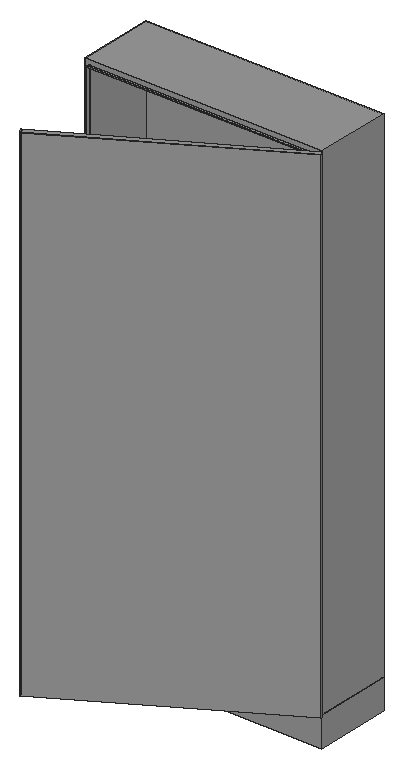
Revit family "Hager-Univers-IP55-D275-H1800-Cl.II-Steel_encl-NoHosted-PL-pl", category Electrical Equipment, Revit 2020
Family settings
  Panel Configuration = Two Columns, Circuits Across
  Round Connector Dimension = Use Diameter
  Part Type = Panelboard
  Work Plane-Based = Yes
  Always vertical = Yes
  Cut with Voids When Loaded = No
  Shared = No
  Room Calculation Point = No
Parameters (values of type "Montaż podłogowy IP55 S800 W1800 G275  - FR13S1")
  Width Control [instance] = if([EF000008 - Szerokość] > Min Width, [EF000008 - Szerokość], Min Width)  # 800 mm
  Type Comments = [HG000003 - Zakres]  # "Univers"
  Thickness Door [instance] = if([EF009171 - Drzwi/pokrywa z materiału o wysokiej wytrzymałości mechanicznej] > 3 mm, 3 mm, [EF009171 - Drzwi/pokrywa z materiału o wysokiej wytrzymałości mechanicznej])  # 1.5 mm
  Seal Frame Offset [instance] = 17 mm  # constant formula
  Plinth Visibility [instance] = [HG000027 - Wysokość cokołu] > 0 mm  # yes
  Min Width [instance] = 100 mm  # constant formula
  Min Depth [instance] = (2 * [EF009170 - Obudowa z materiału o wysokiej wytrzymałości mechanicznej]) + 1 mm  # 4 mm
  Min Height [instance] = 100 mm  # constant formula
  Internal Frame Depth [instance] = (Door System Depth * 0.5)  # 9 mm
  Panel Name [instance] = ""  # (empty or 0)
  Model = ""
  HG000027 - Wysokość cokołu = 100 mm
  HG000026 - Stojąca = yes
  HG000024 - Wysokość części dolnej = 600 mm
  HG000023 - Obudowa dwusekcyjna = no
  HG000016 - Widoczność drzwi w widoku 3D [instance] = yes
  HG000015 - Przestrzeń robocza - otwarcie drzwi [instance] = no
  HG000014 - Drzwi prawe [instance] = yes
  HG000013 - Drzwi lewe [instance] = not([HG000014 - Drzwi prawe])  # no
  HG000012 - Kąt otwarcia drzwi [instance] = 30.00°
  HG000010 - Drzwi asymetryczne = no
  HG000009 - Drzwi dwuskrzydłowe = no
  HG000006 - Montaż podtynkowy = no
  HG000004 - Referencja producenta = "FR13S1"
  HG000003 - Zakres = "Univers"
  HG000002 - Z drzwiami lub pokrywą = yes
  Frame Offset Bottom [instance] = 10 mm  # constant formula
  Frame Offset [instance] = 15 mm  # constant formula
  EF015940 - Pokrywa z wyzwalaczem nadciśnieniowym = no
  EF011959 - Stopień ochrony (NEMA) = ""
  EF009554 - Liczba otworów pod flansze = 6
  EF009212 - Wykonanie pokrywy = "EV000116 - Zamknięty"
  EF009171 - Drzwi/pokrywa z materiału o wysokiej wytrzymałości mechanicznej = 1.5 mm
  EF009170 - Obudowa z materiału o wysokiej wytrzymałości mechanicznej = 1.5 mm
  EF008873 - Prąd znamionowy (In) = 800 A
  EF007800 - Do ochrony odgromowej = no
  EF006306 - Z zamkiem = no
  EF006244 - Transparentna pokrywa/drzwi = no
  EF005474 - Stopień ochrony (IP) = "EV006420 - IP55"
  EF004464 - Rodzaj drzwi = "EV002646 - Pojedynczy"
  EF004427 - Liczba modułów = 396
  EF004293 - Odporność udarowa = "EV008784 - IK10"
  EF003532 - Do zastosowań zewnętrznych = no
  EF002950 - Szerokość wyrażona liczbą modułów = 24
  EF001613 - Podtrzymanie funkcji = "EV000494 - Brak"
  EF001596 - Materiał obudowy = "EV000179 - Stal"
  EF001131 - Głębokość wewnętrzna = 275 mm
  EF001088 - Możliwość rozbudowy = yes
  EF000437 - Liczba wejść kablowych = 6
  EF000339 - Rodzaj pokrywy = "EV004216 - Drzwi"
  EF000266 - Liczba rzędów = 11
  EF000218 - Głębokość wbudowania = 0 mm
  EF000118 - Z płytą montażową = no
  EF000116 - Numer RAL = "7035"
  EF000049 - Głębokość = 275 mm
  EF000040 - Wysokość = 1800 mm
  EF000008 - Szerokość = 800 mm
  EF000007 - Kolor = "EV000270 - Szary"
  EF000003 - Sposób montażu = "EV012274 - Montaż podłogowy"
  Door System Leaf Tolerance [instance] = 1.5 mm  # constant formula
  Door System Depth [instance] = 18 mm  # constant formula
  Door Height [instance] = Height Control - [HG000027 - Wysokość cokołu]  # 1700 mm
  Description = ""
  Default Elevation = 1219.2 mm
  Connector Offset [instance] = Height Control / 2  # 900 mm
  Manufacturer = "Hager"  # constant formula
  Height Control [instance] = if([EF000040 - Wysokość] > Min Height, [EF000040 - Wysokość], Min Height)  # 1800 mm
  Depth Control [instance] = if([EF000049 - Głębokość] > Min Depth, [EF000049 - Głębokość], Min Depth)  # 275 mm
  Bottom Top Plate Trim [instance] = 1.5 mm  # constant formula
  Plinth height Ctrl [instance] = if([HG000027 - Wysokość cokołu] > 0 mm, [HG000027 - Wysokość cokołu], 12 mm)  # 100 mm
Types (5, lengths in mm): name | Width Control | HG000010 - Drzwi asymetryczne | HG000009 - Drzwi dwuskrzydłowe | HG000004 - Referencja producenta | EF009554 - Liczba otworów pod flansze | EF004464 - Rodzaj drzwi | EF004427 - Liczba modułów | EF000437 - Liczba wejść kablowych | EF000008 - Szerokość
  Montaż podłogowy IP55 S1050 W1800 G275  - FR14S1 | 1050 | yes | yes | "FR14S1" | 8 | "EV003602 - Podwójny" | 528 | 8 | 1050
  Montaż podłogowy IP55 S1300 W1800 G275  - FR15S1 | 1300 | yes | yes | "FR15S1" | 10 | "EV003602 - Podwójny" | 660 | 10 | 1300
  Montaż podłogowy IP55 S300 W1800 G275  - FR11S1 | 300 | no | no | "FR11S1" | 2 | "EV002646 - Pojedynczy" | 132 | 2 | 300
  Montaż podłogowy IP55 S550 W1800 G275  - FR12S1 | 550 | no | no | "FR12S1" | 4 | "EV002646 - Pojedynczy" | 264 | 4 | 550
  Montaż podłogowy IP55 S800 W1800 G275  - FR13S1 | 800 | no | no | "FR13S1" | 6 | "EV002646 - Pojedynczy" | 396 | 6 | 800
Reference planes
  plane 1 "Center (Front/Back)": y = 0
  plane 2: z = 0
  plane 3 "Center (Left/Right)": x = 0
  plane 4: y = 0
  plane 5: y = 0
  plane 6: z = 0
  plane 7: x = -400
  plane 8: x = 400
  plane 9: x = 398.5
  plane 10: x = -398.5
  plane 11: z = 100
  plane 12: z = 101.5
  plane 13: y = -275
  plane 14: y = -1.5
  plane 15: x = 0
  plane 16: y = -257
  plane 17: y = -273.5
  plane 18: y = -255.5
  plane 19: x = -383.5
  plane 20: x = 383.5
  plane 21: z = 111.5
  plane 22: x = -383
  plane 23: x = 383
  plane 24: z = 100
  plane 25: z = 1800
  plane 26: z = 1800
  plane 27: z = 1783.5
  plane 28: z = 1798.5
Forms (mm)
  Extrusion 1, solid, material "Hager_Steel_RAL7035_Light_Grey", detail levels medium+fine
    sketch origin (-208.679, -4572, 100) x (-1, 0, 0) y (0, -1, 0)
      loop
        line (191.321, -4315) -> (-608.679, -4315) -> (-608.679, -4572) -> (191.321, -4572) -> (191.321, -4315)
    from 0 to 1700
  Extrusion 2, void
    sketch origin (-350.771, -275, 1219.2) x (1, 0, 0) y (0, 0, 1)
      loop
        line (-47.729, 579.3) -> (-47.729, -1117.7) -> (749.271, -1117.7) -> (749.271, 579.3) -> (-47.729, 579.3)
    from -19.5 to -273.5
  Extrusion 3, void
    sketch origin (-290.084, -257, 1219.2) x (1, 0, 0) y (0, 0, 1)
      loop
        line (-93.416, -1107.7) -> (673.584, -1107.7) -> (673.584, 564.3) -> (-93.416, 564.3) -> (-93.416, -1107.7)
    from 0 to -1.5
  Extrusion 4, solid, material "Hager_Steel_RAL7035_Light_Grey", visible <- "Plinth Visibility", detail levels medium+fine
    sketch origin (0, 0, 0) x (1, 0, 0) y (0, 1, 0)
      loop
        line (-400, 0) -> (-400, -257) -> (400, -257) -> (400, 0) -> (-400, 0)
    from 0 to 100 <- "Plinth height Ctrl"
  Extrusion 5, solid, material "Hager_Steel_RAL7035_Light_Grey", detail levels coarse
    sketch origin (0, 0, 0) x (1, 0, 0) y (0, 1, 0)
      loop
        line (-400, 0) -> (-400, -275) -> (400, -275) -> (400, 0) -> (-400, 0)
    from 0 to 1800 <- "Height Control"
  Sweep 6, void
    path in 3D
      loop
        line (-400, -257, 100) -> (400, -257, 100) -> (400, 0, 100) -> (-400, 0, 100) -> (-400, -257, 100)
    profile origin (-400, -128.5, 100) x (1, 0, 0) y (0, 0, 1)
      loop
        line (0, 0) -> (0, -1.5) -> (1.5, -1.5)
        arc (1.5, -1.5) -> (1.061, -0.439) -> (0, 0) r 1.5
  Extrusion 7, solid, material "Hager_Steel_RAL7035_Light_Grey", detail levels fine
    sketch origin (-400, -257, 100) x (1, 0, 0) y (0, 0, 1)
      loop
        line (16.5, 11.5) -> (783.5, 11.5) -> (783.5, 1683.5) -> (16.5, 1683.5) -> (16.5, 11.5)
      loop
        line (15, 10) -> (785, 10) -> (785, 1685) -> (15, 1685) -> (15, 10)
    from 0 to 9 <- "Internal Frame Depth"
Cuts and joins
  Extrusion 2, Extrusion 3 cuts Extrusion 1
  Sweep 6 cuts Extrusion 4
Lines and regions (mm)
  Masking region 1
    outline origin (0, 0, 0) x (1, 0, 0) y (0, 1, 0)
      loop
        line (-400, 0) -> (-400, -275) -> (400, -275) -> (400, 0) -> (-400, 0)
  Masking region 2, detail levels coarse
    outline origin (-290.084, -257, 1219.2) x (-1, 0, 0) y (0, 0, 1)
      loop
        line (-690.084, -1219.2) -> (109.916, -1219.2) -> (109.916, 580.8) -> (-690.084, 580.8) -> (-690.084, -1219.2)
  Masking region 3, detail levels coarse
    outline origin (0, 0, 0) x (0, 1, 0) y (0, 0, 1)
      loop
        line (0, 0) -> (0, 1800) -> (-275, 1800) -> (-275, 0) -> (0, 0)
  Masking region 4, visible <- "Plinth Visibility", detail levels medium+fine
    outline origin (0, 0, 0) x (0, 1, 0) y (0, 0, 1)
      loop
        line (-1.5, 100) -> (-255.5, 100)
        arc (-255.5, 100) -> (-255.939, 98.939) -> (-257, 98.5) r 1.5
        line (-257, 98.5) -> (-257, 0) -> (0, 0) -> (0, 98.5)
        arc (0, 98.5) -> (-1.061, 98.939) -> (-1.5, 100) r 1.5
  Masking region 5, detail levels medium+fine
    outline origin (0, 0, 594.038) x (0, 1, 0) y (0, 0, 1)
      loop
        line (0, -494.038) -> (0, 1205.962) -> (-257, 1205.962) -> (-257, -494.038) -> (0, -494.038)
  Masking region 6, detail levels medium+fine
    outline origin (-359.7, -257, 1211.883) x (-1, 0, 0) y (0, 0, 1)
      loop
        line (-759.7, -1111.883) -> (40.3, -1111.883) -> (40.3, 588.117) -> (-759.7, 588.117) -> (-759.7, -1111.883)
  Masking region 7, visible <- "Plinth Visibility", detail levels medium+fine
    outline origin (-320.334, -257, 1041.368) x (-1, 0, 0) y (0, 0, 1)
      loop
        line (-720.334, -1041.368) -> (79.666, -1041.368) -> (79.666, -942.868)
        arc (79.666, -942.868) -> (78.606, -942.429) -> (78.166, -941.368) r 1.5
        line (78.166, -941.368) -> (-718.834, -941.368)
        arc (-718.834, -941.368) -> (-719.273, -942.429) -> (-720.334, -942.868) r 1.5
        line (-720.334, -942.868) -> (-720.334, -1041.368)
  sketch lines
    curve 1: line (-400, 0, 100) -> (-400, -257, 100)
    curve 2: line (-400, -257, 100) -> (400, -257, 100)
    curve 3: line (400, 0, 100) -> (-400, 0, 100)
    curve 4: line (400, -257, 100) -> (400, 0, 100)
Dimensions and locks
  locked: plane 1 "Center (Front/Back)" to plane 5
  "EF009170 - Obudowa z materiału o wysokiej wytrzymałości mechanicznej": plane 7 to plane 10
  "EF009170 - Obudowa z materiału o wysokiej wytrzymałości mechanicznej": plane 8 to plane 9
  equal spacing: plane 7, plane 3 "Center (Left/Right)", plane 8
  "Width Control": plane 7 to plane 8
  "Depth Control": plane 4 to plane 13
  "EF009170 - Obudowa z materiału o wysokiej wytrzymałości mechanicznej": plane 4 to plane 14
  "Height Control": plane 25 to level
  "HG000027 - Wysokość cokołu": plane 11 to level
  "EF009170 - Obudowa z materiału o wysokiej wytrzymałości mechanicznej": plane 12 to plane 11
  "EF009170 - Obudowa z materiału o wysokiej wytrzymałości mechanicznej": plane 17 to plane 13
  "EF009170 - Obudowa z materiału o wysokiej wytrzymałości mechanicznej": plane 18 to plane 16
  "Frame Offset Bottom": plane 21 to plane 12
  "Frame Offset": plane 10 to plane 19
  "Frame Offset": plane 9 to plane 20
  "Door System Depth": plane 16 to plane 13
  "Seal Frame Offset": plane 7 to plane 22
  "Seal Frame Offset": plane 8 to plane 23
  "EF009170 - Obudowa z materiału o wysokiej wytrzymałości mechanicznej": plane 26 to plane 28
  "Frame Offset": plane 28 to plane 27
  "Connector Offset": plane 2 to connector elem
  "Bottom Top Plate Trim": profile plane to Sweep 6 sketch curve
  "Bottom Top Plate Trim": Sweep 6 sketch curve to Sweep 6 sketch curve
  "Plinth height Ctrl": Masking region 4 sketch curve to level
  "Plinth height Ctrl": Masking region 7 sketch curve to level
  "Thickness Door": Extrusion 7 sketch curve to Extrusion 7 sketch curve  (x4)
  "Bottom Top Plate Trim": radius of Sweep 6 sketch curve
  "Bottom Top Plate Trim": radius of Masking region 4 sketch curve  (x2)
  "Bottom Top Plate Trim": radius of Masking region 7 sketch curve  (x2)
  aligned and locked: Extrusion 2 sketch curve to plane 12
  aligned and locked: Extrusion 2 sketch curve to plane 9
  aligned and locked: Extrusion 2 sketch curve to plane 10
  aligned and locked: Extrusion 2 to plane 14
  aligned and locked: Extrusion 1 sketch curve to plane 4
  aligned and locked: plane 8 to Extrusion 1 sketch curve
  aligned and locked: plane 7 to Extrusion 1 sketch curve
  aligned and locked: Extrusion 2 to plane 18
  aligned and locked: Extrusion 3 sketch curve to plane 19
  aligned and locked: plane 20 to Extrusion 3 sketch curve
  aligned and locked: Extrusion 3 to Extrusion 2
  aligned and locked: Extrusion 3 sketch curve to plane 21
  aligned and locked: plane 3 "Center (Left/Right)" to nested 1
  aligned and locked: Extrusion 1 sketch curve to plane 16
  aligned and locked: Extrusion 4 sketch curve to cut or joined group of Extrusion 1, Extrusion 2, Extrusion 3
  aligned and locked: Masking region 1 sketch curve to plane 7
  aligned and locked: Masking region 1 sketch curve to plane 5
  aligned and locked: Masking region 1 sketch curve to plane 8
  aligned and locked: Masking region 2 sketch curve to level
  aligned and locked: level to Masking region 3 sketch curve
  aligned and locked: plane 1 "Center (Front/Back)" to Masking region 3 sketch curve
  aligned and locked: plane 13 to Masking region 3 sketch curve
  aligned and locked: plane 5 to Masking region 4 sketch curve
  aligned and locked: Masking region 2 sketch curve to plane 8
  aligned and locked: Masking region 2 sketch curve to plane 7
  aligned and locked: plane 7 to nested 2
  aligned and locked: nested 2 to plane 5
  aligned and locked: plane 5 to Masking region 5 sketch curve
  aligned and locked: plane 26 to Masking region 5 sketch curve
  aligned and locked: Extrusion 5 sketch curve to plane 8
  aligned and locked: Extrusion 5 sketch curve to plane 7
  aligned and locked: Extrusion 5 sketch curve to plane 5
  aligned and locked: Extrusion 3 sketch curve to plane 27
  aligned and locked: Extrusion 2 sketch curve to plane 28
  aligned and locked: Masking region 2 to plane 25
  aligned and locked: Extrusion 4 to plane 16
  aligned and locked: profile plane to Sweep 6 sketch curve
  aligned and locked: Masking region 5 sketch curve to plane 24
  aligned and locked: level to Masking region 4 sketch curve
  aligned and locked: Masking region 1 to plane 13
  aligned and locked: nested 1 to plane 16
  aligned and locked: Masking region 3 to plane 25
  aligned and locked: plane 16 to Masking region 4 sketch curve
  aligned and locked: Masking region 5 sketch curve to plane 16
  aligned and locked: plane 24 to plane 11
  aligned and locked: plane 26 to plane 25
  aligned and locked: plane 26 to cut or joined group of Extrusion 1, Extrusion 2, Extrusion 3
  aligned and locked: nested 1 to plane 24
  aligned and locked: Extrusion 1 to Extrusion 3
  aligned and locked: Masking region 6 sketch curve to plane 8
  aligned and locked: Masking region 6 sketch curve to plane 24
  aligned and locked: Masking region 6 sketch curve to plane 7
  aligned and locked: Masking region 6 sketch curve to plane 26
  aligned and locked: Masking region 7 sketch curve to plane 7
  aligned and locked: level to Masking region 7 sketch curve
  aligned and locked: Masking region 7 sketch curve to plane 8
  aligned and locked: Extrusion 7 sketch curve to cut or joined group of Extrusion 1, Extrusion 2, Extrusion 3  (x4)
Automatic sketch dimensions
  plane 19 to Extrusion 3 sketch curve = 0 mm
  Extrusion 3 sketch curve to plane 20 = 0 mm
  Extrusion 3 sketch curve to plane 21 = 0 mm
  Extrusion 4 sketch curve to plane 7 = 0 mm
  Extrusion 4 sketch curve to plane 8 = 0 mm
  Extrusion 4 sketch curve to plane 16 = 0 mm
  Masking region 1 sketch curve to plane 13 = 0 mm
  Masking region 2 sketch curve to plane 25 = 0 mm
  Masking region 3 sketch curve to plane 25 = 0 mm
  Extrusion 5 sketch curve to plane 13 = 0 mm
  profile plane to Sweep 6 sketch curve = 0 mm
Nested families
  nested 1: "EC000058_Univers_Door" at (0, -257, 100), Double <- "HG000009 - Drzwi dwuskrzydłowe", Transparent <- "EF006244 - Transparentna pokrywa/drzwi", Angle <- "HG000012 - Kąt otwarcia drzwi", Door_Right <- "HG000014 - Drzwi prawe", Assymetrical <- "HG000010 - Drzwi asymetryczne", Door <- "HG000002 - Z drzwiami lub pokrywą", Width_Ctrl <- "Width Control", 3d_Door <- "HG000016 - Widoczność drzwi w widoku 3D", Clearance <- "HG000015 - Przestrzeń robocza - otwarcie drzwi", Door_Left <- "HG000013 - Drzwi lewe", Width <- "Width Control", Door_Depth <- "Door System Depth", Leaf_Tolerance <- "Door System Leaf Tolerance", Height <- "Door Height", Lock_Visibility <- "EF006306 - Z zamkiem", Thickness <- "Thickness Door", type "EC000058_Univers_Door", detail levels medium+fine
    with min_wh 4 mm, Width_Ctrl 800 mm, Width 800 mm, Transparent no, Thickness 1.5 mm, Seal_Material Hager_Rubber, Lock_Visibility no, Lock_Material Hager_Plastic_RAL9005_Jet_Black, Leaf_Width 800 mm, Leaf_Tolerance_External_Sides 0 mm, Leaf_Tolerance 1.5 mm, Leaf_Offset 0 mm, Leaf_Height 1697 mm, Leaf_2_Width 800 mm, Leaf_2_Offset 400 mm, Leaf_1_Width 800 mm, Leaf_1_Offset 400 mm, Height_Ctrl 1700 mm, Height 1700 mm, Glass_Material Hager_Glass, Double_Clearance_Ctrl no, Double no, Door_Right_Ctrl yes, Door_Right yes, Door_Material Hager_Steel_RAL7035_Light_Grey, Door_Left_Ctrl no, Door_Left no, Door_Depth 18 mm, Door yes, Clearance_Material Hager_Clearance, Clearance_Depth 800 mm, Clearance_Ctrl no, Clearance no, Assymetrical no, Angle 30.00°, 3d_Door yes
  nested 2: "Hager_Enclosure_Symbol" at (-400, 0, 0), Height <- "Depth Control", Width <- "Width Control", type "Hager_Enclosure_Symbol"
    with Width_Ctrl 800 mm, Width 800 mm, Height_Ctrl 275 mm, Height 275 mm, A_Width_Int 18.047 mm, A_Width 216.562 mm, A_Height_Ctrl 240.625 mm, A_Height 240.625 mm
Connectors
  electrical at (0, 0, 900)
    settings: on plane 1 "Center (Front/Back)", index 1, voltage 0 V, apparent load 0 VA, apparent load phase1 0 VA, apparent load phase2 0 VA, apparent load phase3 0 VA, power factor 1, load classification "Other", number of poles 1, system type 30, power factor state 1, is connector primary yes, connector utility no, sub classification motor no, connector description ""
Definition of nested family "EC000058_Univers_Door"
  Parameters (values of type "EC000058_Univers_Door")
    min_wh [instance] = (2 * Thickness) + 1 mm  # 11 mm
    Width_Ctrl [instance] = 400 mm
    Width [instance] = 500 mm
    Transparent [instance] = yes
    Thickness [instance] = 5 mm
    Seal_Material [instance] = none
    Lock_Visibility [instance] = yes
    Lock_Material [instance] = none
    Leaf_Width [instance] = if((Width_Ctrl - 2 * Leaf_Tolerance_External_Sides) > 0 mm, (Width_Ctrl - 2 * Leaf_Tolerance_External_Sides), min_wh)  # 400 mm
    Leaf_Tolerance_External_Sides [instance] = 0 mm  # constant formula
    Leaf_Tolerance [instance] = 1.5 mm
    Leaf_Offset [instance] = 0 mm  # constant formula
    Leaf_Height [instance] = if((Height_Ctrl - 2 * Leaf_Tolerance) > 0 mm, (Height_Ctrl - 2 * Leaf_Tolerance), min_wh)  # 497 mm
    Leaf_2_Width [instance] = if(and(and(Double, Assymetrical), Door_Left), (Leaf_Width / 3) - (Leaf_Tolerance / 2), if(and(and(Double, Assymetrical), Door_Right), (Leaf_Width / 3) * 2 - (Leaf_Tolerance / 2), if(and(Double, not(Assymetrical)), (Leaf_Width / 2) - Leaf_Tolerance, Leaf_Width)))  # 400 mm
    Leaf_2_Offset [instance] = if(and(Double, Assymetrical), Leaf_2_Width / 2, if(and(Double, not(Assymetrical)), Leaf_Width / 4, Leaf_Width / 2))  # 200 mm
    Leaf_1_Width [instance] = if(and(and(Double, Assymetrical), Door_Right), (Leaf_Width / 3) - (Leaf_Tolerance / 2), if(and(and(Double, Assymetrical), Door_Left), (Width / 3) * 2 - (Leaf_Tolerance / 2), if(and(Double, not(Assymetrical)), (Leaf_Width / 2) - Leaf_Tolerance, Leaf_Width)))  # 400 mm
    Leaf_1_Offset [instance] = if(and(Double, Assymetrical), Leaf_1_Width / 2, if(and(Double, not(Assymetrical)), Leaf_Width / 4, Leaf_Width / 2))  # 200 mm
    Height_Ctrl [instance] = if(Height > min_wh, Height, min_wh)  # 500 mm
    Height [instance] = 500 mm
    Glass_Material [instance] = none
    Double_Clearance_Ctrl [instance] = and(Double, Clearance)  # no
    Double [instance] = no
    Door_Right_Ctrl [instance] = and(or(Door_Right, Double), Door)  # yes
    Door_Right [instance] = yes
    Door_Material [instance] = none
    Door_Left_Ctrl [instance] = and(or(Door_Left, Double), Door)  # no
    Door_Left [instance] = no
    Door_Depth [instance] = 30 mm
    Door [instance] = yes
    Default Elevation = 1219.2 mm
    Clearance_Material [instance] = none
    Clearance_Depth [instance] = if(Leaf_1_Width > Leaf_2_Width, Leaf_1_Width, Leaf_2_Width)  # 400 mm
    Clearance_Ctrl [instance] = and(not(Double), Clearance)  # yes
    Clearance [instance] = yes
    Assymetrical [instance] = yes
    Angle [instance] = 30.00°
    3d_Door [instance] = yes
  Reference planes
    plane 1 "Center (Front/Back)": y = 0
    plane 2 "Bottom": z = 0
    plane 3 "Center (Left/Right)": x = 0
    plane 4: z = 500
    plane 5: x = -200
    plane 6: x = 200
    plane 7: z = 500
    plane 8: x = -200
    plane 9: z = 0
    plane 10: x = 200
    plane 11: y = 0
    plane 12: z = 1.5
    plane 13: x = -600
    plane 14: y = -400
    plane 15: x = 600
    plane 16: x = 0
    plane 17: x = 0
    plane 18: x = -200
    plane 19: x = 200
    plane 20: z = 498.5
  Forms (mm)
    Extrusion 1, solid, material <- "Clearance_Material", visible <- "Double_Clearance_Ctrl"
      sketch origin (1200, 0, 0) x (1, 0, 0) y (0, 0, -1)
        loop
          line (-1800, -498.5) -> (-600, -498.5) -> (-600, 0) -> (-1800, 0) -> (-1800, -498.5)
      from 0 to -400
  Dimensions and locks
    equal spacing: plane 5, plane 3 "Center (Left/Right)", plane 6
    "Width_Ctrl": plane 5 to plane 6
    "Leaf_Offset": plane 5 to plane 8
    "Leaf_Offset": plane 6 to plane 10
    "Leaf_Offset": plane 9 to level
    "Leaf_Offset": plane 4 to plane 7
    "Height_Ctrl": plane 4 to level
    "Leaf_Tolerance": plane 12 to plane 9
    locked: plane 11 to plane 1 "Center (Front/Back)"
    "Leaf_1_Offset": plane 18 to plane 16
    "Leaf_2_Offset": plane 17 to plane 19
    "Leaf_1_Width": plane 13 to plane 8
    "Leaf_2_Width": plane 10 to plane 15
    "Clearance_Depth": plane 14 to plane 1 "Center (Front/Back)"
    "Leaf_Tolerance_External_Sides": plane 8 to plane 18
    "Leaf_Tolerance_External_Sides": plane 19 to plane 10
    "Leaf_Tolerance": plane 7 to plane 20
    aligned and locked: level to plane 2 "Bottom"
    aligned and locked: nested 1 to plane 16
    aligned and locked: nested 2 to plane 17
    aligned and locked: Extrusion 1 to plane 13
    aligned and locked: plane 15 to Extrusion 1
    aligned and locked: Extrusion 1 to plane 14
    aligned and locked: plane 12 to nested 1
    aligned and locked: nested 2 to plane 12
    aligned and locked: Extrusion 1 to plane 11
    aligned and locked: plane 20 to Extrusion 1
    aligned and locked: nested 2 to plane 11
    aligned and locked: nested 1 to plane 11
  Automatic sketch dimensions
    Extrusion 1 sketch curve to level = 0 mm
    plane 5 to Extrusion 1 sketch curve = 400 mm
    plane 6 to Extrusion 1 sketch curve = 400 mm
    Extrusion 1 sketch curve to plane 4 = 1.5 mm
  Nested families
    nested 1: "EC000058_Univers_Door_Leaf" at (0, 0, 1.5), Width <- "Leaf_1_Width", visible <- "Door_Left_Ctrl", Leaf_Height <- "Leaf_Height", Angle <- "Angle", 3d_Door <- "3d_Door", Transparent <- "Transparent", Clearance Material <- "Clearance_Material", Clearance <- "Clearance_Ctrl", Door_Material <- "Door_Material", Glass_Material <- "Glass_Material", Door_Depth <- "Door_Depth", Lock_Material <- "Lock_Material", Seal_Material <- "Seal_Material", Lock_Visibility <- "Lock_Visibility", Thickness <- "Thickness", type "EC000058_Univers_Door_Leaf"
      with Width 400 mm, Transparent_Glass_Offset 30 mm, Transparent_Ctrl yes, Transparent yes, Thickness 5 mm, Standard no, Seal_Material none, Seal_D2 8 mm, Seal_D1 1 mm, Offset_Internal_Frame 10 mm, Lock_Width 20 mm, Lock_Visibility_3d yes, Lock_Visibility yes, Lock_Thickness_3 3 mm, Lock_Thickness_2 1 mm, Lock_Thickness_1 3 mm, Lock_Radius_Offset_2 16 mm, Lock_Radius_Offset_1 15 mm, Lock_Radius_2 5 mm, Lock_Radius 6 mm, Lock_Offset 5 mm, Lock_Material none, Lock_Height 80 mm, Lock_Cover_Top_Offset_2d 17 mm, Lock_Cover_Height -65 mm, Leaf_Height 497 mm, Internal_Seal_Thickness 8 mm, Internal_Seal_Depth_2 4.5 mm, Internal_Frame_Depth 25 mm, Glass_Thickness -1 mm, Glass_Offset -2 mm, Glass_Material none, Door_Material none, Door_Depth 30 mm, Clearance Material none, Clearance yes, Angle_Ctrl 30.00°, Angle 30.00°, 3d_Door yes
    nested 2: "EC000058_Univers_Door_Leaf" at (0, 0, 1.5) x (-1, 0, 0) z (0, 0, 1), Width <- "Leaf_2_Width", visible <- "Door_Right_Ctrl", Leaf_Height <- "Leaf_Height", Angle <- "Angle", 3d_Door <- "3d_Door", Transparent <- "Transparent", Clearance Material <- "Clearance_Material", Clearance <- "Clearance_Ctrl", Door_Material <- "Door_Material", Glass_Material <- "Glass_Material", Door_Depth <- "Door_Depth", Lock_Material <- "Lock_Material", Seal_Material <- "Seal_Material", Lock_Visibility <- "Lock_Visibility", Thickness <- "Thickness", type "EC000058_Univers_Door_Leaf"
      with Width 400 mm, Transparent_Glass_Offset 30 mm, Transparent_Ctrl yes, Transparent yes, Thickness 5 mm, Standard no, Seal_Material none, Seal_D2 8 mm, Seal_D1 1 mm, Offset_Internal_Frame 10 mm, Lock_Width 20 mm, Lock_Visibility_3d yes, Lock_Visibility yes, Lock_Thickness_3 3 mm, Lock_Thickness_2 1 mm, Lock_Thickness_1 3 mm, Lock_Radius_Offset_2 16 mm, Lock_Radius_Offset_1 15 mm, Lock_Radius_2 5 mm, Lock_Radius 6 mm, Lock_Offset 5 mm, Lock_Material none, Lock_Height 80 mm, Lock_Cover_Top_Offset_2d 17 mm, Lock_Cover_Height -65 mm, Leaf_Height 497 mm, Internal_Seal_Thickness 8 mm, Internal_Seal_Depth_2 4.5 mm, Internal_Frame_Depth 25 mm, Glass_Thickness -1 mm, Glass_Offset -2 mm, Glass_Material none, Door_Material none, Door_Depth 30 mm, Clearance Material none, Clearance yes, Angle_Ctrl 30.00°, Angle 30.00°, 3d_Door yes
  Definition of nested family "EC000058_Univers_Door_Leaf"
    Parameters (values of type "EC000058_Univers_Door_Leaf")
      Width [instance] = 2000 mm
      Transparent_Glass_Offset [instance] = 30 mm
      Transparent_Ctrl [instance] = and(Transparent, [3d_Door])  # yes
      Transparent [instance] = yes
      Thickness [instance] = 5 mm
      Standard [instance] = and(not(Transparent), [3d_Door])  # no
      Seal_Material [instance] = none
      Seal_D2 [instance] = 8 mm  # constant formula
      Seal_D1 [instance] = 1 mm  # constant formula
      Offset_Internal_Frame [instance] = 10 mm  # constant formula
      Lock_Width [instance] = 20 mm  # constant formula
      Lock_Visibility_3d [instance] = and(Lock_Visibility, [3d_Door])  # yes
      Lock_Visibility [instance] = yes
      Lock_Thickness_3 [instance] = 3 mm  # constant formula
      Lock_Thickness_2 [instance] = 1 mm  # constant formula
      Lock_Thickness_1 [instance] = 3 mm  # constant formula
      Lock_Radius_Offset_2 [instance] = Lock_Radius_Offset_1 + 1 mm  # 16 mm
      Lock_Radius_Offset_1 [instance] = 15 mm  # constant formula
      Lock_Radius_2 [instance] = Lock_Radius - 1 mm  # 5 mm
      Lock_Radius [instance] = 6 mm  # constant formula
      Lock_Offset [instance] = 5 mm  # constant formula
      Lock_Material [instance] = none
      Lock_Height [instance] = 80 mm  # constant formula
      Lock_Cover_Top_Offset_2d [instance] = Lock_Radius_Offset_2 + 1 mm  # 17 mm
      Lock_Cover_Height [instance] = -(Lock_Height - Lock_Radius_Offset_1)  # -65 mm
      Leaf_Height [instance] = 2720.336 mm
      Internal_Seal_Thickness [instance] = 8 mm  # constant formula
      Internal_Seal_Depth_2 [instance] = 4.5 mm  # constant formula
      Internal_Frame_Depth [instance] = if(Door_Depth - Thickness > 5 mm, Door_Depth - Thickness, 5 mm)  # 25 mm
      Glass_Thickness [instance] = if(Thickness > 15 mm, Glass_Offset + 10 mm, -1 mm)  # -1 mm
      Glass_Offset [instance] = if(Thickness > 15 mm, -(Thickness + 10 mm) / 2, -2 mm)  # -2 mm
      Glass_Material [instance] = none
      Door_Material [instance] = none
      Door_Depth [instance] = 30 mm
      Default Elevation = 0 mm
      Clearance Material [instance] = none
      Clearance [instance] = yes
      Angle_Ctrl [instance] = if(Angle > 180.00°, 180.00°, Angle)  # 90.00°
      Angle [instance] = 90.00°
      3d_Door [instance] = yes
    Reference planes
      plane 1 "Center (Front/Back)": y = 0
      plane 2: z = 0
      plane 3 "Center (Left/Right)": x = 0
      plane 4: y = 2000
      plane 5: x = -1000
      plane 6: x = 1000
      plane 7: x = -3000
      plane 8: z = 2720.336
      plane 9: z = 30
      plane 10: z = 2690.336
      plane 11: x = 970
      plane 12: x = -970
      plane 13: y = -3
      plane 14: z = 107.833
      plane 15: y = -5
      plane 16: y = -223.314
      plane 17: x = -1000
      plane 18: z = 1360.168
      plane 19: y = 30
    Forms (mm)
      Extrusion 1, solid, material <- "Clearance Material", visible <- "Clearance"
        sketch origin (0, 0, 0) x (1, 0, 0) y (0, 0, 1)
          loop
            line (-3000, 2720.336) -> (-3000, 0) -> (1000, 0) -> (1000, 2720.336) -> (-3000, 2720.336)
        from 0 to -2000
      Extrusion 2, solid, material <- "Door_Material", visible <- "Standard", detail levels medium+fine
        sketch origin (-1000, 0, 0) x (0, 1, 0) y (-1, 0, 0)
          loop
            line (0, 30) -> (0, 25) -> (2000, 25) -> (2000, 30) -> (0, 30)
        from 0 to 2720.336 <- "Leaf_Height"
      Extrusion 3, solid, material <- "Door_Material", visible <- "Transparent_Ctrl", detail levels medium+fine
        sketch origin (-1000, 0, 0) x (0, 1, 0) y (-1, 0, 0)
          loop
            line (0, 25) -> (2000, 25) -> (2000, 30) -> (0, 30) -> (0, 25)
        from 0 to 2720.336 <- "Leaf_Height"
      Extrusion 4, void
        sketch origin (-1025, 2000, 0) x (0, 1, 0) y (0, 0, -1)
          loop
            line (-30, -2690.336) -> (-30, -30) -> (-1970, -30) -> (-1970, -2690.336) -> (-30, -2690.336)
        from 0 to 5 <- "Thickness"
      Sweep 5, solid, material <- "Seal_Material", visible <- "Transparent_Ctrl", detail levels fine
        path in 3D
          loop
            line (-1025, 30, 30) -> (-1025, 30, 2690.336) -> (-1025, 1970, 2690.336) -> (-1025, 1970, 30) -> (-1025, 30, 30)
        profile origin (-1025, 1000, 30) x (1, 0, 0) y (0, 0, 1)
          loop
            line (0, 0) -> (0, -8) -> (1, -8) -> (1, 0) -> (0, 0)
      Extrusion 6, solid, material <- "Glass_Material", visible <- "Transparent_Ctrl", detail levels medium+fine
        sketch origin (-1030, 0, 0) x (0, 1, 0) y (0, 0, -1)
          loop
            line (1970, -2690.336) -> (1970, -30) -> (30, -30) -> (30, -2690.336) -> (1970, -2690.336)
        from -2 <- "Glass_Offset" to -1 <- "Glass_Thickness"
      Extrusion 7, solid, material <- "Door_Material", visible <- "3d_Door", detail levels medium+fine
        sketch origin (-1025, 2000, 0) x (0, -1, 0) y (0, 0, -1)
          loop
            line (0, -2720.336) -> (2000, -2720.336) -> (2000, 0) -> (0, 0) -> (0, -2720.336)
          loop
            line (1995, -5) -> (5, -5) -> (5, -2715.336) -> (1995, -2715.336) -> (1995, -5)
        from 0 to 25 <- "Internal_Frame_Depth"
      Sweep 8, solid, material <- "Seal_Material", visible <- "Transparent_Ctrl", detail levels fine
        path in 3D
          loop
            line (-1025, 0, 0) -> (-1025, 2000, 0) -> (-1025, 2000, 2720.336) -> (-1025, 0, 2720.336) -> (-1025, 0, 0)
        profile origin (-1025, 0, 1360.168) x (1, 0, 0) y (0, 1, 0)
          loop
            line (0, 10) -> (2.975, 10)
            arc (2.975, 10) -> (4.053, 10.447) -> (4.5, 11.525) r 1.525
            line (4.5, 11.525) -> (4.5, 16.527)
            arc (4.5, 16.527) -> (4.069, 17.569) -> (3.027, 18) r 1.473
            line (3.027, 18) -> (0, 18) -> (0, 10)
      Extrusion 9, solid, material <- "Lock_Material", visible <- "Lock_Visibility_3d", detail levels fine
        sketch origin (-1030, 0, 0) x (0, 1, 0) y (0, 0, -1)
          loop
            arc (1993.5, -1400.168) -> (1994.561, -1399.729) -> (1995, -1398.668) r 1.5
            line (1995, -1398.668) -> (1995, -1320.168) -> (1975, -1320.168) -> (1975, -1398.668)
            arc (1975, -1398.668) -> (1975.439, -1399.729) -> (1976.5, -1400.168) r 1.5
            line (1976.5, -1400.168) -> (1993.5, -1400.168)
        from 3 <- "Lock_Thickness_1" to 0
      Blend 10, solid, material <- "Lock_Material", visible <- "Lock_Visibility_3d", detail levels fine
        base sketch origin (-1033, 0, 0) x (0, 1, 0) y (0, 0, -1)
          loop
            line (1975, -1320.168) -> (1975, -1398.668)
            arc (1975, -1398.668) -> (1975.439, -1399.729) -> (1976.5, -1400.168) r 1.5
            line (1976.5, -1400.168) -> (1993.5, -1400.168)
            arc (1993.5, -1400.168) -> (1994.561, -1399.729) -> (1995, -1398.668) r 1.5
            line (1995, -1398.668) -> (1995, -1320.168) -> (1975, -1320.168)
        top sketch origin (-1033, 0, 0) x (0, 1, 0) y (0, 0, -1)
          loop
            line (1976, -1320.168) -> (1976, -1398.668)
            arc (1976, -1398.668) -> (1976.146, -1399.022) -> (1976.5, -1399.168) r 0.5
            line (1976.5, -1399.168) -> (1993.5, -1399.168)
            arc (1993.5, -1399.168) -> (1993.854, -1399.022) -> (1994, -1398.668) r 0.5
            line (1994, -1398.668) -> (1994, -1320.168) -> (1976, -1320.168)
        from 0 to 1 <- "Lock_Thickness_2"
      Blend 11, solid, material <- "Lock_Material", visible <- "Lock_Visibility_3d", detail levels fine
        base sketch origin (-1034, 0, 0) x (0, 1, 0) y (0, 0, -1)
          loop
            line (1978, -1320.168) -> (1978, -1384.168)
            arc (1978, -1384.168) -> (1985, -1391.168) -> (1992, -1384.168) r 7
            line (1992, -1384.168) -> (1992, -1320.168) -> (1978, -1320.168)
        top sketch origin (-1034, 0, 0) x (0, 1, 0) y (0, 0, -1)
          loop
            line (1991, -1320.168) -> (1979, -1320.168) -> (1979, -1383.168)
            arc (1979, -1383.168) -> (1985, -1389.168) -> (1991, -1383.168) r 6
            line (1991, -1383.168) -> (1991, -1320.168)
        from 0 to 3 <- "Lock_Thickness_3"
      Extrusion 12, solid, material <- "Lock_Material", visible <- "Lock_Visibility_3d", detail levels fine
        sketch origin (-1030, 1975, 1320.168) x (1, 0, 0) y (0, -1, 0)
          loop
            line (-7, -19) -> (-7, -1) -> (0, -1) -> (0, 0) -> (-8, 0) -> (-8, -20) -> (0, -20) -> (0, -19) -> (-7, -19)
        from 0 to -65 <- "Lock_Cover_Height"
      Extrusion 13, void
        sketch origin (-1038, 1995, 1320.168) x (-1, 0, 0) y (0, 0, -1)
          loop
            line (-5, -65) -> (0, -65) -> (-5, -60) -> (-5, -65)
        from 0 to 20 <- "Lock_Width"
      Extrusion 14, void
        sketch origin (-1038, 1975, 1320.168) x (0, -1, 0) y (0, 0, -1)
          loop
            circle (-10, -15.995) r 6
          loop
            circle (-10, -15.995) r 5
        from 0 to 2
      Extrusion 15, solid, material <- "Lock_Material", visible <- "Lock_Visibility_3d", detail levels medium
        sketch origin (-1030, 0, 0) x (0, 1, 0) y (0, 0, -1)
          loop
            arc (1993.5, -1400.168) -> (1994.561, -1399.729) -> (1995, -1398.668) r 1.5
            line (1995, -1398.668) -> (1995, -1320.168) -> (1975, -1320.168) -> (1975, -1398.668)
            arc (1975, -1398.668) -> (1975.439, -1399.729) -> (1976.5, -1400.168) r 1.5
            line (1976.5, -1400.168) -> (1993.5, -1400.168)
        from 8 to 0
    Cuts and joins
      Extrusion 4 cuts Extrusion 3
      Extrusion 13, Extrusion 14 cuts Extrusion 9
      Extrusion 14 cuts Blend 11
      Extrusion 13, Extrusion 14 cuts Extrusion 12
      joined: Extrusion 9, Blend 10, Blend 11, Extrusion 12
      Extrusion 14 cuts Extrusion 15
    Lines and regions (mm)
      Masking region 1, visible <- "Lock_Visibility", detail levels fine
        outline origin (0, 0, 0) x (0, 1, 0) y (0, 0, 1)
          loop
            line (30, 1320.168) -> (33, 1320.168) -> (33, 1400.168) -> (30, 1400.168) -> (30, 1320.168)
      Masking region 2, visible <- "Lock_Visibility", detail levels fine
        outline origin (0, 3.143, 0) x (0, 1, 0) y (0, 0, 1)
          loop
            line (29.857, 1354.168) -> (30.857, 1354.168) -> (30.857, 1366.168) -> (29.857, 1366.168) -> (29.857, 1354.168)
      Masking region 3, detail levels medium+fine
        outline origin (0, 0, 0) x (0, 1, 0) y (0, 0, 1)
          loop
            line (0, 0) -> (30, 0) -> (30, 2720.336) -> (0, 2720.336) -> (0, 0)
      Masking region 4, detail levels medium+fine
        outline origin (0, 0, 0) x (1, 0, 0) y (0, 0, 1)
          loop
            line (-1000, 2720.336) -> (-1000, 0) -> (1000, 0) -> (1000, 2720.336) -> (-1000, 2720.336)
      Masking region 5, visible <- "Lock_Visibility", detail levels fine
        outline origin (-47.116, 0, 0) x (1, 0, 0) y (0, 0, 1)
          loop
            arc (1024.616, 1399.168) -> (1023.556, 1398.729) -> (1023.116, 1397.668) r 1.5
            line (1023.116, 1397.668) -> (1023.116, 1320.168) -> (1041.116, 1320.168) -> (1041.116, 1397.668)
            arc (1041.116, 1397.668) -> (1040.677, 1398.729) -> (1039.616, 1399.168) r 1.5
            line (1039.616, 1399.168) -> (1024.616, 1399.168)
      Masking region 6, visible <- "Lock_Visibility", detail levels medium+fine
        outline origin (-25, 0, 0) x (1, 0, 0) y (0, 0, 1)
          loop
            arc (1001.5, 1400.168) -> (1000.439, 1399.729) -> (1000, 1398.668) r 1.5
            line (1000, 1398.668) -> (1000, 1320.168) -> (1020, 1320.168) -> (1020, 1398.668)
            arc (1020, 1398.668) -> (1019.561, 1399.729) -> (1018.5, 1400.168) r 1.5
            line (1018.5, 1400.168) -> (1001.5, 1400.168)
      Masking region 7, visible <- "Lock_Visibility", detail levels fine
        outline origin (-73.735, 0, 0) x (1, 0, 0) y (0, 0, 1)
          loop
            line (1051.735, 1382.168) -> (1065.735, 1382.168) -> (1065.735, 1384.168)
            arc (1065.735, 1384.168) -> (1058.735, 1391.168) -> (1051.735, 1384.168) r 7
            line (1051.735, 1384.168) -> (1051.735, 1382.168)
      Masking region 8, visible <- "Lock_Visibility", detail levels fine
        outline origin (-73.735, 0, 0) x (1, 0, 0) y (0, 0, 1)
          loop
            line (1052.735, 1382.168) -> (1064.735, 1382.168) -> (1064.735, 1383.168)
            arc (1064.735, 1383.168) -> (1058.735, 1389.168) -> (1052.735, 1383.168) r 6
            line (1052.735, 1383.168) -> (1052.735, 1382.168)
      Masking region 9, visible <- "Lock_Visibility", detail levels fine
        outline origin (-25, 0, 0) x (1, 0, 0) y (0, 0, 1)
          loop
            line (1020, 1320.168) -> (1020, 1382.168) -> (1000, 1382.168) -> (1000, 1320.168) -> (1020, 1320.168)
      Masking region 10, detail levels medium+fine
        outline origin (0, 0, 0) x (1, 0, 0) y (0, 0, 1)
          loop
            circle (985, 1335.144) r 6
      Masking region 11, detail levels fine
        outline origin (0, 0, 0) x (1, 0, 0) y (0, 0, 1)
          loop
            circle (985, 1335.144) r 5
      Masking region 12, visible <- "Lock_Visibility", detail levels fine
        outline origin (0, 12.767, 0) x (0, 1, 0) y (0, 0, 1)
          loop
            line (20.233, 1320.168) -> (21.233, 1320.168) -> (21.233, 1399.168) -> (20.233, 1400.168) -> (20.233, 1320.168)
      Masking region 13, visible <- "Lock_Visibility", detail levels fine
        outline origin (0, 13.767, -10) x (0, 1, 0) y (0, 0, 1)
          loop
            line (20.233, 1330.168) -> (23.233, 1330.168) -> (23.233, 1399.168) -> (20.233, 1402.168) -> (20.233, 1330.168)
      Masking region 14, visible <- "Lock_Visibility", detail levels fine
        outline origin (0, 12.767, -10) x (0, 1, 0) y (0, 0, 1)
          loop
            line (20.233, 1330.168) -> (25.233, 1330.168) -> (25.233, 1399.305) -> (20.233, 1394.305) -> (20.233, 1330.168)
      Masking region 15, visible <- "Lock_Visibility", detail levels medium
        outline origin (0, 0, 0) x (0, 1, 0) y (0, 0, 1)
          loop
            line (30, 1320.168) -> (38, 1320.168) -> (38, 1400.168) -> (30, 1400.168) -> (30, 1320.168)
      Masking region 16, visible <- "Lock_Visibility", detail levels fine
        outline origin (-1000, 0, 0) x (0, 1, 0) y (-1, 0, 0)
          loop
            line (1975, 30) -> (1995, 30) -> (1995, 38) -> (1975, 38) -> (1975, 30)
          loop
            line (1979, 37) -> (1976, 37) -> (1976, 34) -> (1978, 34) -> (1979, 37)
          loop
            line (1994, 37) -> (1991, 37) -> (1992, 34) -> (1994, 34) -> (1994, 37)
      Masking region 17, visible <- "Lock_Visibility", detail levels medium
        outline origin (-1000, 0, 0) x (0, 1, 0) y (-1, 0, 0)
          loop
            line (1975, 30) -> (1995, 30) -> (1995, 38) -> (1975, 38) -> (1975, 30)
      symbolic lines
        curve 1: line (1000, 0, 0) -> (-3000, 0, 0)
        curve 2: arc (1000, 0, 0) -> (-1000, 2000, 0) -> (-3000, 0, 0) r 2000
        curve 4: line (-1030, 0, 0) -> (-1030, 2000, 0)
      reference lines
        curve 3: line (-1000, 0, 0) -> (-1000, 2000, 0)
      symbolic lines, detail levels medium+fine
        curve 5: line (-1030, 2000, 0) -> (-1025, 2000, 0)
        curve 7: line (-1025, 0, 0) -> (-1030, 0, 0)
        curve 8: line (-1025, 0, 0) -> (-1000, 0, 0)
        curve 9: line (-1000, 0, 0) -> (-1000, 2000, 0)
        curve 10: line (-1000, 2000, 0) -> (-1025, 2000, 0)
      symbolic lines, detail levels fine
        curve 6: line (-1025, 2000, 0) -> (-1025, 0, 0)
      sketch lines
        curve 11: line (-1025, 0, 2720.336) -> (-1025, 0, 0)
        curve 12: line (-1025, 2000, 0) -> (-1025, 0, 0)
        curve 13: line (-1025, 2000, 2720.336) -> (-1025, 2000, 0)
        curve 14: line (-1025, 0, 2720.336) -> (-1025, 2000, 2720.336)
        curve 15: line (-1025, 1970, 30) -> (-1025, 30, 30)
        curve 16: line (-1025, 30, 30) -> (-1025, 30, 2690.336)
        curve 17: line (-1025, 1970, 2690.336) -> (-1025, 1970, 30)
        curve 18: line (-1025, 30, 2690.336) -> (-1025, 1970, 2690.336)
      symbolic lines, visible <- "Transparent", detail levels medium+fine
        curve 19: line (-970, 0, 2690.336) -> (970, 0, 2690.336)
        curve 20: line (-970, 0, 30) -> (-970, 0, 2690.336)
        curve 21: line (970, 0, 30) -> (-970, 0, 30)
        curve 22: line (970, 0, 2690.336) -> (970, 0, 30)
    Dimensions and locks
      "Width": plane 1 "Center (Front/Back)" to plane 4
      equal spacing: plane 5, plane 3 "Center (Left/Right)", plane 6
      "Width": plane 5 to plane 6
      "Width": plane 7 to plane 5
      "Leaf_Height": plane 8 to level
      "Width": curve 5 to curve 3
      "Width": curve 3 to curve 3
      plane 8 to plane 10 = 30 mm
      plane 9 to level = 30 mm
      plane 12 to plane 5 = 30 mm
      plane 6 to plane 11 = 30 mm
      Extrusion 1 to Extrusion 4 sketch curve = 30 mm
      "Transparent_Glass_Offset": curve 3 to Extrusion 4 sketch curve
      "Transparent_Glass_Offset": Extrusion 4 sketch curve to cut or joined group of Extrusion 3, Extrusion 4  (x2)
      cut or joined group of Extrusion 3, Extrusion 4 to Extrusion 6 sketch curve = 30 mm
      "Transparent_Glass_Offset": cut or joined group of Extrusion 3, Extrusion 4 to Extrusion 4 sketch curve
      "Thickness": curve 6 to curve 4
      "Thickness": Extrusion 7 sketch curve to Extrusion 7 sketch curve  (x4)
      "Door_Depth": curve 4 to curve 3
      "Offset_Internal_Frame": profile plane to Sweep 8 sketch curve
      "Internal_Seal_Thickness": Sweep 8 sketch curve to Sweep 8 sketch curve
      "Internal_Seal_Depth_2": profile plane to Sweep 8 sketch curve
      "Seal_D1": profile plane to Sweep 5 sketch curve
      "Seal_D2": profile plane to Sweep 5 sketch curve
      "Thickness": Extrusion 2 sketch curve to Extrusion 2 sketch curve
      equal spacing: Extrusion 9 sketch curve, plane 18, Extrusion 9 sketch curve  (x2)
      equal spacing: Masking region 1 sketch curve, plane 18, Masking region 1 sketch curve
      "Lock_Height": Masking region 1 sketch curve to Masking region 1 sketch curve
      "Lock_Radius": Masking region 2 sketch curve to plane 18 to Masking region 2 sketch curve
      Masking region 2 sketch curve to Masking region 1 = 1 mm
      "Door_Depth": plane 19 to plane 1 "Center (Front/Back)"
      "Lock_Thickness_1": Masking region 1 sketch curve to plane 19
      "Lock_Width": Extrusion 9 sketch curve to Extrusion 9 sketch curve
      "Lock_Height": Extrusion 9 sketch curve to Extrusion 9 sketch curve
      "Lock_Offset": cut or joined group of Extrusion 3, Extrusion 4 to Extrusion 9 sketch curve
      equal spacing: plane 8, plane 18, level
      "Lock_Radius_Offset_1": Blend 11 sketch curve to Blend 10
      locked: Blend 10 to Blend 11 sketch curve at 2  (x2)
      locked: var sketch to Blend 11 sketch curve at 1  (x2)
      "Lock_Radius_Offset_2": Blend 11 sketch curve to Blend 10
      locked: Extrusion 12 sketch curve to Extrusion 12 sketch curve at 1  (x3)
      Masking region 6 sketch curve to Masking region 6 sketch curve = 80 mm
      "Lock_Height": Masking region 6 sketch curve to Masking region 6 sketch curve
      "Lock_Width": Masking region 6 sketch curve to Masking region 6 sketch curve
      locked: Masking region 6 to Masking region 5 sketch curve at 1  (x3)
      locked: Masking region 5 to Masking region 7 sketch curve at 2  (x2)
      "Lock_Radius_Offset_1": Masking region 5 to Masking region 7 sketch curve
      "Lock_Radius_Offset_2": Masking region 5 to Masking region 8 sketch curve
      locked: Masking region 7 to Masking region 8 sketch curve at 1  (x2)
      "Lock_Cover_Top_Offset_2d": Masking region 5 to Masking region 9 sketch curve
      equal spacing: Masking region 9, Masking region 10 sketch curve, Masking region 9
      equal spacing: Masking region 9, Masking region 11 sketch curve, Masking region 9
      Extrusion 15 sketch curve to Extrusion 15 sketch curve = 80 mm
      "Lock_Width": Extrusion 15 sketch curve to Extrusion 15 sketch curve
      "Lock_Height": Extrusion 15 sketch curve to Extrusion 15 sketch curve
      equal spacing: Extrusion 15 sketch curve, plane 18, Extrusion 15 sketch curve
      "Lock_Thickness_3": Masking region 13 sketch curve to Masking region 13 sketch curve
      "Lock_Height": Masking region 12 sketch curve to Masking region 12 sketch curve
      locked: Masking region 13 sketch curve to Masking region 1 at 8
      locked: Masking region 14 sketch curve to Masking region 13 at 1
      locked: Masking region 14 sketch curve to Masking region 1 at 10.863
      "Lock_Height": Masking region 15 sketch curve to Masking region 15 sketch curve
      "Lock_Offset": Extrusion 15 sketch curve to cut or joined group of Extrusion 3, Extrusion 4
      "Lock_Offset": plane 6 to Masking region 6 sketch curve
      radius of Sweep 8 sketch curve = 1.525 mm
      radius of Sweep 8 sketch curve = 1.473 mm
      radius of Extrusion 9 sketch curve = 1.5 mm  (x2)
      "Lock_Radius": radius of Extrusion 14 sketch curve
      "Lock_Radius_2": radius of Extrusion 14 sketch curve
      "Lock_Radius": radius of Masking region 10 sketch curve
      "Lock_Radius_2": radius of Masking region 11 sketch curve
      radius of Extrusion 15 sketch curve = 1.5 mm  (x2)
      "Angle_Ctrl": angle plane 1 "Center (Front/Back)" to curve 3
      locked: Masking region 12 sketch curve to Masking region 12 sketch curve (angle 45.00°)
      locked: Masking region 13 sketch curve to Masking region 13 sketch curve (angle 45.00°)
      locked: Masking region 14 sketch curve to Masking region 14 sketch curve (angle 45.00°)
      aligned and locked: level to plane 2
      aligned and locked: Extrusion 1 to curve 1
      aligned and locked: plane 6 to Extrusion 1
      aligned and locked: Extrusion 1 to plane 1 "Center (Front/Back)"
      aligned and locked: plane 4 to Extrusion 1
      aligned and locked: plane 8 to Extrusion 1
      aligned and locked: curve 7 to Extrusion 2 sketch curve
      aligned and locked: curve 5 to Extrusion 2 sketch curve
      aligned and locked: curve 7 to Extrusion 3 sketch curve
      aligned and locked: Extrusion 3 sketch curve to curve 4
      aligned and locked: Extrusion 3 sketch curve to curve 6
      aligned and locked: Extrusion 3 sketch curve to curve 5
      aligned and locked: curve 9 to curve 3
      aligned and locked: Extrusion 7 sketch curve to cut or joined group of Extrusion 3, Extrusion 4  (x4)
      aligned and locked: plane 17 to curve 3
      aligned and locked: plane 1 "Center (Front/Back)" to curve 3
      aligned and locked: plane 17 to plane 5
      aligned and locked: Sweep 8 sketch curve to profile plane
      aligned and locked: Sweep 5 sketch curve to profile plane  (x2)
      aligned and locked: Masking region 1 to Masking region 2 sketch curve
      aligned and locked: plane 19 to Masking region 1 sketch curve
      aligned and locked: plane 1 "Center (Front/Back)" to Masking region 3 sketch curve
      aligned and locked: plane 19 to Masking region 3 sketch curve
      aligned and locked: level to Masking region 3 sketch curve
      aligned and locked: Masking region 3 sketch curve to plane 8
      aligned and locked: plane 17 to Masking region 4 sketch curve
      aligned and locked: level to Masking region 4 sketch curve
      aligned and locked: Masking region 4 sketch curve to plane 8
      aligned and locked: plane 12 to curve 20
      aligned and locked: plane 10 to curve 19
      aligned and locked: plane 11 to curve 22
      aligned and locked: curve 21 to plane 9
      aligned and locked: Extrusion 2 sketch curve to cut or joined group of Extrusion 3, Extrusion 4
      aligned and locked: Blend 10 sketch curve to Extrusion 9  (x4)
      aligned and locked: Extrusion 9 to Blend 10 sketch curve
      aligned and locked: Blend 10 to Blend 11 sketch curve
      aligned and locked: Extrusion 12 sketch curve to Blend 11
      aligned and locked: Extrusion 12 sketch curve to Extrusion 9  (x4)
      aligned and locked: Masking region 5 sketch curve to Masking region 6
      aligned and locked: Masking region 9 sketch curve to Masking region 6  (x3)
      aligned and locked: Masking region 12 sketch curve to Masking region 1
      aligned and locked: Masking region 13 sketch curve to Masking region 1
      aligned and locked: Masking region 12 to Masking region 14
      aligned and locked: Masking region 14 sketch curve to Masking region 1
      aligned and locked: Masking region 15 sketch curve to Masking region 14
      aligned and locked: Masking region 13 sketch curve to Masking region 12
      aligned and locked: Masking region 16 sketch curve to cut or joined group of Extrusion 14, Extrusion 15  (x4)
      aligned and locked: Masking region 16 sketch curve to cut or joined group of Extrusion 9, Blend 10, Blend 11, Extrusion 12, Extrusion 13, Extrusion 14  (x6)
      aligned and locked: cut or joined group of Extrusion 9, Blend 10, Blend 11, Extrusion 12, Extrusion 13, Extrusion 14 to Masking region 16 sketch curve
      aligned and locked: Masking region 17 sketch curve to cut or joined group of Extrusion 14, Extrusion 15  (x3)
      aligned and locked: Masking region 17 sketch curve to cut or joined group of Extrusion 9, Blend 10, Blend 11, Extrusion 12, Extrusion 13, Extrusion 14
      aligned and locked: Masking region 9 to Masking region 8 sketch curve
      aligned and locked: Masking region 9 to Masking region 7 sketch curve
    Automatic sketch dimensions
      plane 1 "Center (Front/Back)" to curve 2 = 0 mm
      curve 2 to plane 5 = 0 mm
      Extrusion 1 sketch curve to level = 0 mm
      Extrusion 1 sketch curve to plane 7 = 0 mm
      Extrusion 1 sketch curve to plane 6 = 0 mm
      Extrusion 1 sketch curve to plane 8 = 0 mm
      Extrusion 3 to Extrusion 6 sketch curve = 30 mm  (x4)
      Masking region 4 sketch curve to plane 6 = 0 mm
      Blend 10 sketch curve to Extrusion 9 = 1.5 mm
      Blend 10 sketch curve to Extrusion 9 = 1 mm
      Extrusion 13 sketch curve to Extrusion 12 = 0 mm  (x2)
      Extrusion 12 to Extrusion 13 sketch curve = 3 mm
      Extrusion 13 sketch curve to Extrusion 12 = 5 mm
      Extrusion 14 sketch curve to Extrusion 14 sketch curve = 0 mm  (x2)
      Extrusion 14 sketch curve to Extrusion 12 = 10 mm
      Extrusion 14 sketch curve to Extrusion 12 = 15.995 mm
      Masking region 5 sketch curve to Masking region 5 sketch curve = 1.5 mm  (x2)
      Masking region 10 sketch curve to plane 18 = 25.024 mm
      Masking region 11 sketch curve to plane 18 = 25.024 mm
      plane 19 to Masking region 14 sketch curve = 3 mm
      Masking region 16 sketch curve to Masking region 16 sketch curve = 3 mm
      curve 4 to curve 3 = 0 mm
      Blend 10 to Blend 11 sketch curve = 0 mm
      Masking region 6 sketch curve to Masking region 6 sketch curve = 1.5 mm  (x2)
      Masking region 6 sketch curve to plane 18 = 40 mm
      plane 19 to Masking region 12 sketch curve = 3 mm
      Masking region 12 sketch curve to Masking region 12 sketch curve = 1 mm
      Masking region 15 sketch curve to plane 19 = 0 mm
      Masking region 15 sketch curve to plane 18 = 40 mm
      radius of Blend 10 sketch curve to Extrusion 9 = 1 mm
Definition of nested family "Hager_Enclosure_Symbol"
  Parameters (values of type "Hager_Enclosure_Symbol")
    Width_Ctrl [instance] = if(Width > 1 mm, Width, 1 mm)  # 102.27 mm
    Width [instance] = 102.27 mm
    Height_Ctrl [instance] = if(Height > 1 mm, Height, 1 mm)  # 66.5 mm
    A_Width_Int [instance] = if(A_Width / 12 > 2 mm, A_Width / 12, 2 mm)  # 4.364 mm
    A_Width [instance] = if(A_Height_Ctrl * 0.9 > 2 mm, A_Height_Ctrl * 0.9, 2 mm)  # 52.369 mm
    A_Height_Ctrl [instance] = if(A_Height > 2 mm, A_Height, 2 mm)  # 58.188 mm
    Height [instance] = 66.5 mm
    A_Height [instance] = Height - (Height / 8)  # 58.188 mm
  Reference planes
    plane 1 "Centre (avant/arrière)": y = 0
    plane 2: z = 0
    plane 3 "Centre (gauche/droite)": x = 0
    plane 4: x = 52.369
    plane 5: y = 33.042
    plane 6: y = 41.77
    plane 7: y = 66.5
    plane 8: x = 26.184
    plane 9: y = 37.406
    plane 10: x = 102.27
    plane 11: y = 66.5
    plane 12: y = 8.313
  Lines and regions (mm)
    Filled region 1, type "Solid_Black", in view "Niveau de réf."
      outline origin (0, 0, 0) x (1, 0, 0) y (0, 1, 0)
        loop
          line (52.369, 66.5) -> (33.188, 54.536) -> (45.365, 45.006) -> (52.369, 66.5)
    Filled region 2, type "Solid_Black", in view "Niveau de réf."
      outline origin (0, 0, 0) x (1, 0, 0) y (0, 1, 0)
        loop
          line (0, 0) -> (102.27, 0) -> (102.27, 66.5) -> (0, 0)
    detail lines, in view "Niveau de réf."
      curve 1: line (0, 8.313, 0) -> (26.184, 41.77, 0)
      curve 2: line (26.184, 41.77, 0) -> (26.184, 33.042, 0)
      curve 3: line (26.184, 33.042, 0) -> (52.369, 66.5, 0)
  Dimensions and locks
    "A_Width": plane 3 "Centre (gauche/droite)" to plane 4
    equal spacing: plane 3 "Centre (gauche/droite)", plane 8, plane 4
    equal spacing: plane 6, plane 9, plane 5
    equal spacing: curve 3, Filled region 1 sketch curve, Filled region 1 sketch curve
    "Height_Ctrl": plane 1 "Centre (avant/arrière)" to plane 11
    "A_Height_Ctrl": plane 11 to plane 12
    equal spacing: plane 11, plane 9, plane 12
    "A_Width_Int": plane 6 to plane 9
    "Width_Ctrl": plane 3 "Centre (gauche/droite)" to plane 10
    angle Filled region 1 sketch curve to curve 3 = 20.00°
    angle curve 3 to Filled region 1 sketch curve = 20.00°
    locked: curve 3 to Filled region 1 sketch curve (angle 90.00°)
    aligned and locked: plane 10 to Filled region 2
    aligned and locked: plane 11 to Filled region 2 sketch curve
    aligned and locked: plane 10 to Filled region 2 sketch curve
    aligned and locked: plane 3 "Centre (gauche/droite)" to curve 1
    aligned and locked: plane 12 to curve 1
    aligned and locked: plane 7 to plane 11
  Automatic sketch dimensions
    Filled region 1 sketch curve to plane 4 = 0 mm
    Filled region 1 sketch curve to plane 7 = 0 mm
    plane 1 "Centre (avant/arrière)" to Filled region 2 sketch curve = 0 mm
    Filled region 2 sketch curve to plane 3 "Centre (gauche/droite)" = 0 mm
    curve 2 to plane 6 = 0 mm
    curve 2 to plane 8 = 0 mm
    curve 3 to plane 4 = 0 mm
    curve 2 to plane 5 = 0 mm
    curve 3 to plane 7 = 0 mm
